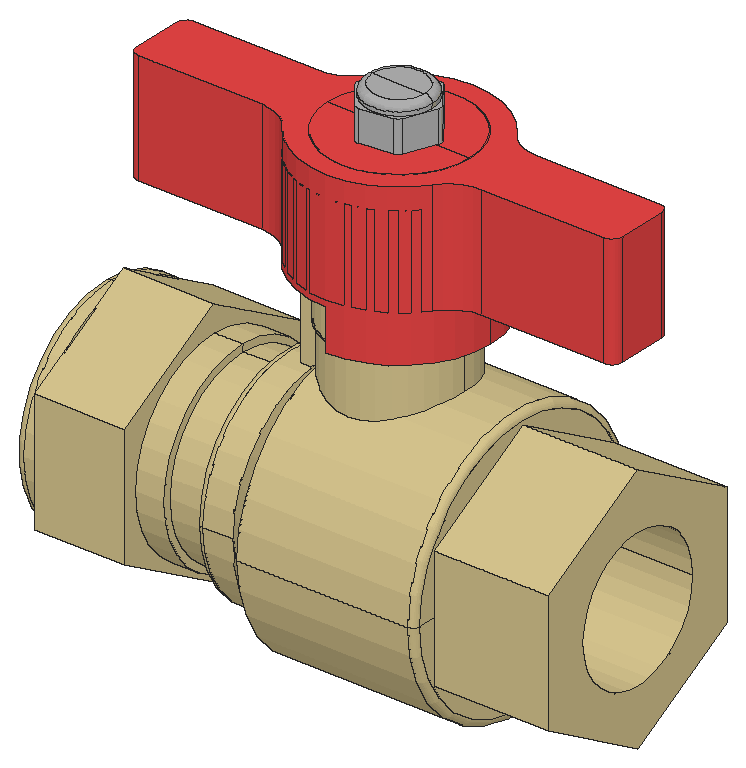
Revit family "QA10890000", category Apparecchi idraulici, Revit 2016
Family settings
  Tipo di parte = Normale
  Quota connettore circolare = Usa diametro
  Numero OmniClass = 23.45.00.00
  Titolo OmniClass = Sanitary, Laundry, and Cleaning Equipment
  Basato su piano di lavoro = No
  Sempre verticale = Sì
  Taglio con vuoti quando caricato = No
  Condiviso = No
  Punto di calcolo locali = No
Parameters
  URL = "https://web.cimberio.it/index.php/figura/347?subcategoria_id=42864"
  DN Model [instance] = QA10893137 : QA10893137
  DN [instance] = 20 mm
Reference planes
  plane 1 "Centro (Fronte/Retro)": y = 0
  plane 2: z = 0
  plane 3 "Centro (Sinistra/Destra)": x = 0
Dimensions and locks
  aligned and locked: level to plane 2
Nested families
  nested 1: "QA10893137" at (0, 0, 0), type <- "DN Model", type "QA10893137"
    with DN 10 mm
  nested 2: "QA10893137" at (0, 0, 0), type <- "DN Model", type "QA10893137"
    with DN 10 mm
  nested 3: "QA10893137" at (0, 0, 0), type <- "DN Model", type "QA10893137"
    with DN 10 mm
  nested 4: "QA10893137" at (0, 0, 0), type <- "DN Model", type "QA10893137"
    with DN 10 mm
  nested 5: "QA10893137" at (0, 0, 0), type <- "DN Model", type "QA10893137"
    with DN 10 mm
  nested 6: "QA10893137" at (0, 0, 0), type <- "DN Model", type "QA10893137"
    with DN 10 mm
  nested 7: "QA10893137" at (0, 0, 0), type <- "DN Model", type "QA10893137"
    with DN 10 mm
  nested 8: "QA10893137" at (0, 0, 0), type <- "DN Model", type "QA10893137"
    with DN 10 mm
Connectors
  piping at (34.4, 0, 0), diameter 20, driven by "DN"
    settings: on nested 1, index 1, connector inside diameter 609.6 mm, connector length 0 mm, flow factor 0, pipe flow 0.0 L/s, pressure drop 0.0 Pa, fitting loss kfactor 0, connector angle 0.00°, fixture units 0, engagement length 0 mm, angle of deflection 0.00°, flow configuration 0, flow direction 0, fitting loss method 0, system type 7, joint type 0, gender type 0, connector reference index -1, connector utility 0, adjustable connector no, is connector primary yes, connector description ""
  piping at (-39.7, 0, 0), diameter 20, driven by "DN"
    settings: on nested 1, index 2, connector inside diameter 609.6 mm, connector length 0 mm, flow factor 0, pipe flow 0.0 L/s, pressure drop 0.0 Pa, fitting loss kfactor 0, connector angle 0.00°, fixture units 0, engagement length 0 mm, angle of deflection 0.00°, flow configuration 0, flow direction 0, fitting loss method 0, system type 7, joint type 0, gender type 0, connector reference index -1, connector utility 0, adjustable connector no, is connector primary no, connector description ""
Definition of nested family "QA10893137"
  Parameters (values of type "QA10893137")
    DN [instance] = 10 mm  # constant formula
  Reference planes
    plane 1 "Centro (Fronte/Retro)": y = 0
    plane 2: z = 0
    plane 3 "Centro (Sinistra/Destra)": x = 0
  Forms (mm)
    Revolve 1, solid
      sketch origin (0, 0, 0) x (1, 0, 0) y (0, 1, 0)
        loop
          line (-16.5, 10) -> (17.8, 10) -> (17.8, 18.5)
          arc (17.8, 18.5) -> (17.507, 19.207) -> (16.8, 19.5) r 1
          line (16.8, 19.5) -> (-7.75, 19.5) -> (-11.25, 16) -> (-15.5, 16)
          arc (-15.5, 16) -> (-16.207, 15.707) -> (-16.5, 15) r 1
          line (-16.5, 15) -> (-16.5, 10)
        axis (-16.5, 0) -> (17.8, 0)
      angle from 0 to 360
    Revolve 2, solid
      sketch origin (0, 0, 4) x (1, 0, 0) y (0, 0, 1)
        loop
          line (0.063, 27.3) -> (0.063, 11.623) -> (9.5, 11.623) -> (9.5, 21)
          arc (9.5, 21) -> (9.863, 21.294) -> (10, 21.742) r 0.8
          line (10, 21.742) -> (10, 27.3) -> (0.063, 27.3)
        axis (0.063, 11.623) -> (0.063, 27.3)
      angle from 0 to 360
    Extrusion 3, solid
      sketch origin (0, 0, 4) x (1, 0, 0) y (0, 0, 1)
        loop
          line (-15, 27.3) -> (-15, 22) -> (-13, 20.845) -> (-13, 10.345) -> (-7.86, 10.345) -> (-7.86, 27.3) -> (-15, 27.3)
      from -1.5 to 1.5
    Revolve 4, solid
      sketch origin (0, 0, 4) x (1, 0, 0) y (0, 0, 1)
        loop
          line (0, 30.531) -> (-6.985, 30.531) -> (-6.985, 27.3) -> (0, 27.3) -> (0, 30.531)
        axis (0, 30.531) -> (0, 27.3)
      angle from 0 to 360
    Revolve 5, solid
      sketch origin (0, 0, 4) x (1, 0, 0) y (0, 0, 1)
        loop
          line (0, 45.8) -> (-10.25, 45.8) -> (-13.25, 42.8) -> (-13.25, 22.8) -> (-7.25, 22.8) -> (-7.25, 38.318) -> (0, 38.318) -> (0, 45.8)
        axis (0, 45.8) -> (0, 22.8)
      angle from 0 to 360
    Revolve 6, solid
      sketch origin (0, 0, 4) x (1, 0, 0) y (0, 0, 1)
        loop
          line (0, 51.8) -> (0, 50.016) -> (4.75, 50.016) -> (4.75, 50.8)
          arc (4.75, 50.8) -> (4.457, 51.507) -> (3.75, 51.8) r 1
          line (3.75, 51.8) -> (0, 51.8)
        axis (0, 51.8) -> (0, 50.016)
      angle from 0 to 360
    Extrusion 7, solid
      sketch origin (0, 0, 32.55) x (0.979214, 0.20283, 0) y (-0.20283, 0.979214, 0)
        loop
          line (5.501, 0.127) -> (3.472, 4.287)
          arc (3.472, 4.287) -> (3.145, 4.663) -> (2.674, 4.825) r 0.962
          line (2.674, 4.825) -> (-1.937, 5.147)
          arc (-1.937, 5.147) -> (-2.461, 5.045) -> (-2.864, 4.695) r 1.032
          line (-2.864, 4.695) -> (-5.424, 0.899)
          arc (-5.424, 0.899) -> (-5.599, 0.392) -> (-5.496, -0.136) r 1.038
          line (-5.496, -0.136) -> (-3.479, -4.272)
          arc (-3.479, -4.272) -> (-3.142, -4.659) -> (-2.657, -4.826) r 0.991
          line (-2.657, -4.826) -> (1.958, -5.149)
          arc (1.958, -5.149) -> (2.463, -5.05) -> (2.852, -4.713) r 0.994
          line (2.852, -4.713) -> (5.429, -0.891)
          arc (5.429, -0.891) -> (5.601, -0.392) -> (5.501, 0.127) r 1.021
      from 17.25 to 21.75
    Extrusion 8, void
      sketch origin (0, 0, 32.55) x (1, 0, 0) y (0, 1, 0)
        loop
          line (-8.5, 0) -> (-14.381, 0)
          arc (-14.381, 0) -> (-10.169, -10.169) -> (0, -14.381) r 14.381
          line (0, -14.381) -> (0, -8.5)
          arc (0, -8.5) -> (-6.01, -6.01) -> (-8.5, 0) r 8.5
      from -6.445 to 0.25
    Revolve 9, solid
      sketch origin (0, 0, 0) x (1, 0, 0) y (0, 0, 1)
        loop
          line (-17.5, 13.25) -> (-22.5, 13.25) -> (-22.5, 14.25) -> (-28.583, 14.25) -> (-28.583, 10) -> (-16.5, 10) -> (-16.5, 14.25)
          arc (-16.5, 14.25) -> (-16.793, 13.543) -> (-17.5, 13.25) r 1
        axis (-16.5, 0) -> (-28.583, 0)
      angle from 0 to 360
    Extrusion 10, solid
      sketch origin (-11, 0, 0) x (0, 0, 1) y (0, 1, 0)
        loop
          circle (0, 0) r 10
        loop
          line (18, 0) -> (8.762, 16) -> (-8.762, 16) -> (-18, 0) -> (-8.762, -16) -> (8.762, -16) -> (18, 0)
      from 15.7 to 28.7
    Revolve 11, solid
      sketch origin (0, 0, 0) x (1, 0, 0) y (0, 0, 1)
        loop
          line (-39.7, 15.85) -> (-41.45, 15.85)
          arc (-41.45, 15.85) -> (-42.334, 15.484) -> (-42.7, 14.6) r 1.25
          line (-42.7, 14.6) -> (-42.7, 10) -> (-39.7, 10) -> (-39.7, 15.85)
        axis (-42.7, 0) -> (-39.7, 0)
      angle from 0 to 360
    Extrusion 12, solid
      sketch origin (11.098, 0, 0) x (0, 0, 1) y (0, -1, 0)
        loop
          circle (0, 0) r 10
        loop
          line (18, 0) -> (8.762, 16) -> (-8.762, 16) -> (-18, 0) -> (-8.762, -16) -> (8.762, -16) -> (18, 0)
      from 6.702 to 23.302
    Extrusion 13, solid
      sketch origin (0, 0, 28.55) x (1, 0, 0) y (0, 1, 0)
        loop
          arc (-33.5, 5) -> (-34.561, 4.561) -> (-35, 3.5) r 1.5
          line (-35, 3.5) -> (-35, -3.5)
          arc (-35, -3.5) -> (-34.561, -4.561) -> (-33.5, -5) r 1.5
          line (-33.5, -5) -> (-15.798, -5)
          arc (-15.798, -5) -> (-13.02, -5.682) -> (-10.874, -7.571) r 6
          arc (-10.874, -7.571) -> (0, -13.25) -> (10.874, -7.571) r 13.25
          arc (10.874, -7.571) -> (13.02, -5.682) -> (15.798, -5) r 6
          line (15.798, -5) -> (33.5, -5)
          arc (33.5, -5) -> (34.561, -4.561) -> (35, -3.5) r 1.5
          line (35, -3.5) -> (35, 3.5)
          arc (35, 3.5) -> (34.561, 4.561) -> (33.5, 5) r 1.5
          line (33.5, 5) -> (15.798, 5)
          arc (15.798, 5) -> (13.02, 5.682) -> (10.874, 7.571) r 6
          arc (10.874, 7.571) -> (0, 13.25) -> (-10.874, 7.571) r 13.25
          arc (-10.874, 7.571) -> (-13.02, 5.682) -> (-15.798, 5) r 6
          line (-15.798, 5) -> (-33.5, 5)
      from 5.078 to 21.25
  Cuts and joins
    Extrusion 8 cuts Revolve 5
  Dimensions and locks
    aligned and locked: level to plane 2
